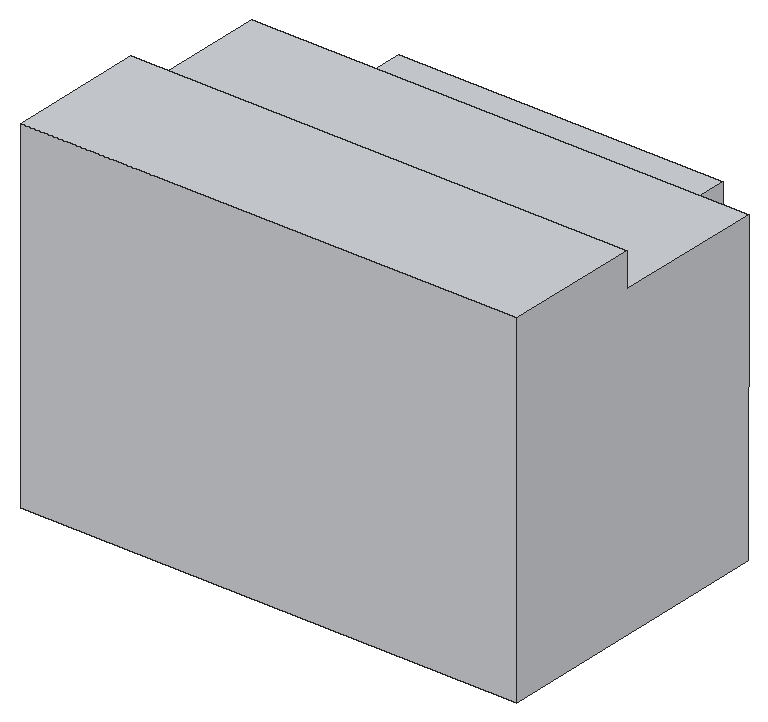
Revit family "4a1b59ea68b64234a86ae39ec49fca80", category Electrical Equipment, Revit 2021
Family settings
  Round Connector Dimension = Use Diameter
  Part Type = Transformer
  OmniClass Number = 23.80.10.14.11
  OmniClass Title = Power Transformers
  Seek Item ID = Wet Type Transformer - 12000-480Y277-0000-USA-ENU
  Work Plane-Based = No
  Always vertical = Yes
  Cut with Voids When Loaded = No
  Shared = No
  Room Calculation Point = No
Parameters (values of type "500 kVA")
  Width 2 = 1' - 10"
  Width 1 = 1' - 8"
  Transformer Width = 4' - 5"
  Transformer Material = none
  Transformer Length = 6' - 0"
  Transformer Height = 4' - 2"
  built-in parameter 1140142 [instance] = -1
  Primary Voltage = 12000 V
  Primary Number of Poles = 3
  built-in parameter 1140140 [instance] = 1 (stored number, unit not read)
  Load Classification = Transformer
  Length 1 = 0.6 * Transformer Length  # 3' - 7.2"
  Height 1 = 0.6 * Transformer Height  # 2' - 6"
  Default Elevation = 0' - 0"
  built-in parameter 1140087 [instance] = element -7000011
Types (15): name | Width 2 | Width 1 | Transformer Width | Transformer Length | Transformer Height | Length 1 | Height 1
  (no name) | 1' - 10" | 1' - 8" | 4' - 5" | 6' - 0" | 4' - 2" | 3' - 7.2" | 2' - 6"
  75 kVA | 1' - 5" | 1' - 8" | 3' - 3" | 5' - 8" | 4' - 2" | 3' - 4.8" | 2' - 6"
  112.5 kVA | 1' - 10" | 1' - 8" | 4' - 1" | 5' - 8" | 4' - 2" | 3' - 4.8" | 2' - 6"
  150 kVA | 1' - 10" | 1' - 8" | 4' - 1" | 5' - 8" | 4' - 2" | 3' - 4.8" | 2' - 6"
  225 kVA | 1' - 10" | 1' - 8" | 4' - 3" | 6' - 0" | 4' - 2" | 3' - 7.2" | 2' - 6"
  300 kVA | 1' - 10" | 1' - 8" | 4' - 3" | 6' - 0" | 4' - 2" | 3' - 7.2" | 2' - 6"
  500 kVA | 1' - 10" | 1' - 8" | 4' - 5" | 6' - 0" | 4' - 2" | 3' - 7.2" | 2' - 6"
  750 kVA | 1' - 10" | 1' - 8" | 4' - 9" | 6' - 0" | 5' - 4" | 3' - 7.2" | 3' - 2.4"
  1000 kVA | 1' - 10" | 1' - 8" | 4' - 11" | 6' - 0" | 5' - 4" | 3' - 7.2" | 3' - 2.4"
  1500 kVA | 2' - 6" | 2' - 0" | 7' - 2" | 6' - 0" | 6' - 1" | 3' - 7.2" | 3' - 7.8"
  2000 kVA | 2' - 6" | 2' - 0" | 7' - 3" | 6' - 0" | 6' - 1" | 3' - 7.2" | 3' - 7.8"
  2500 kVA | 2' - 6" | 2' - 0" | 8' - 3" | 6' - 0" | 6' - 1" | 3' - 7.2" | 3' - 7.8"
  3000 kVA | 2' - 6" | 2' - 0" | 8' - 3" | 7' - 0" | 6' - 1" | 4' - 2.4" | 3' - 7.8"
  3750 kVA | 2' - 6" | 2' - 0" | 9' - 0" | 7' - 1" | 7' - 0" | 4' - 3" | 4' - 2.4"
  5000 kVA | 2' - 6" | 2' - 0" | 9' - 0" | 8' - 0" | 7' - 0" | 4' - 9.6" | 4' - 2.4"
Reference planes (in)
  plane 1 "Center (Front/Back)": y = 0
  plane 2: z = 0
  plane 3 "Center (Left/Right)": x = 0
  plane 4: x = -36
  plane 5: x = 36
  plane 6: y = -53
  plane 7: z = 50
  plane 8: y = -33
  plane 9: y = -11
  plane 10: z = 45
  plane 11: z = 40
  plane 12: z = 10
  plane 13: x = -23.5
  plane 14: x = 23.5
  plane 15: z = 10
  plane 16: x = 7.2
  plane 17: y = -49.5
Forms (in)
  Extrusion 1, solid, material <- "Transformer Material"
    sketch origin (0, 0, 0) x (0, 1, 0) y (0, 0, 1)
      loop
        line (-11, 45) -> (-33, 45) -> (-33, 50) -> (-53, 50) -> (-53, 0) -> (-11, 0) -> (-11, 45)
    from -36 to 36
  Extrusion 2, solid, material <- "Transformer Material"
    sketch origin (0, 0, 0) x (0, 1, 0) y (0, 0, 1)
      loop
        line (0, 40) -> (-11, 40) -> (-11, 10) -> (0, 10) -> (0, 40)
    from -23.5 to 23.5
  Extrusion 3, solid, material <- "Transformer Material"
    sketch origin (0, 0, 0) x (1, 0, 0) y (0, 1, 0)
      loop
        circle (0, -49.5) r 1
    from 0 to 10
Cuts and joins
  joined: Extrusion 1, Extrusion 3
Lines and regions (in)
  model lines, detail levels fine
    curve 1: line (-36, -53, 45) -> (36, -53, 45)
    curve 2: line (-36, -53, 10) -> (36, -53, 10)
    curve 3: line (2.4, -53, 45) -> (2.4, -53, 10)
Dimensions and locks (in)
  equal spacing: plane 4, plane 3 "Center (Left/Right)", plane 5
  "Transformer Length": plane 4 to plane 5
  "Transformer Width": plane 1 "Center (Front/Back)" to plane 6
  "Transformer Height": plane 7 to plane 2
  locked: plane 7 to plane 10 at 5
  locked: plane 10 to plane 11 at 5
  "Height 1": plane 11 to plane 12
  locked: plane 4 to plane 13 at 12.5
  locked: plane 14 to plane 5 at 12.5
  locked: plane 15 to plane 2 at 10
  "Length 1": plane 16 to plane 4
  locked: plane 17 to plane 6 at 3.5
  "Width 1": plane 8 to plane 6
  "Width 2": plane 9 to plane 8
  radius of Extrusion 3 sketch curve = 0' - 1"
  aligned and locked: plane 9 to Extrusion 1 sketch curve  (x2)
  aligned and locked: plane 8 to Extrusion 1 sketch curve  (x2)
  aligned and locked: Extrusion 1 sketch curve to plane 10
  aligned and locked: plane 6 to Extrusion 1 sketch curve  (x2)
  aligned and locked: Extrusion 1 sketch curve to plane 7
  aligned and locked: plane 7 to Extrusion 1 sketch curve
  aligned and locked: Extrusion 1 sketch curve to plane 2
  aligned and locked: Extrusion 1 to plane 4
  aligned and locked: Extrusion 1 to plane 5
  aligned and locked: plane 1 "Center (Front/Back)" to Extrusion 2 sketch curve
  aligned and locked: plane 9 to Extrusion 2 sketch curve
  aligned and locked: plane 12 to Extrusion 2 sketch curve
  aligned and locked: Extrusion 2 sketch curve to plane 11
  aligned and locked: plane 14 to Extrusion 2
  aligned and locked: Extrusion 2 to plane 13
  aligned and locked: plane 17 to Extrusion 3 sketch curve
  aligned and locked: plane 3 "Center (Left/Right)" to Extrusion 3 sketch curve
  aligned and locked: Extrusion 3 to plane 2
  aligned and locked: plane 15 to Extrusion 3
Automatic sketch dimensions
  curve 1 to Extrusion 1 = 0' - 0"  (x2)
  curve 2 to Extrusion 1 = 0' - 0"  (x2)
  Extrusion 1 to curve 3 = 0' - 5"
  curve 3 to Extrusion 1 = 0' - 10"
  curve 3 to curve 1 = 2' - 9.6"
Connectors (in)
  electrical at (0, -49.5, 0), driven by "Primary Number of Poles", driven by "Primary Voltage", driven by "Load Classification"
    settings: on Extrusion 3, index 1, voltage 12000 V, apparent load 0 VA, apparent load phase1 0 VA, apparent load phase2 0 VA, apparent load phase3 0 VA, power factor 1, load classification "Transformer", number of poles 3, system type 31, power factor state 1, is connector primary yes, connector utility no, sub classification motor no, connector description ""
  cabletrayconduit at (0, -22, 45), diameter 24
    settings: on cut or joined group of Extrusion 1, Extrusion 3, index 2, connector width 1' - 0", connector height 1' - 0", connector angle 0.00°, system type 32, placement type 1, profile type 0, connector reference index -1, is primary connector yes, connector utility param no, connector description ""
  cabletrayconduit at (-36, -32.33333, 31.66667), diameter 24
    settings: on cut or joined group of Extrusion 1, Extrusion 3, index 3, connector width 1' - 0", connector height 1' - 0", connector angle 0.00°, system type 32, placement type 1, profile type 0, connector reference index -1, is primary connector no, connector utility param no, connector description ""
  cabletrayconduit at (36, -32.33333, 31.66667), diameter 24
    settings: on cut or joined group of Extrusion 1, Extrusion 3, index 4, connector width 1' - 0", connector height 1' - 0", connector angle 0.00°, system type 32, placement type 1, profile type 0, connector reference index -1, is primary connector no, connector utility param no, connector description ""
  cabletrayconduit at (0, 0, 25), diameter 24
    settings: on Extrusion 2, index 5, connector width 1' - 0", connector height 1' - 0", connector angle 0.00°, system type 32, placement type 1, profile type 0, connector reference index -1, is primary connector no, connector utility param no, connector description ""
  cabletrayconduit at (0, -32, 0), diameter 24
    settings: on cut or joined group of Extrusion 1, Extrusion 3, index 6, connector width 1' - 0", connector height 1' - 0", connector angle 0.00°, system type 32, placement type 1, profile type 0, connector reference index -1, is primary connector no, connector utility param no, connector description ""
